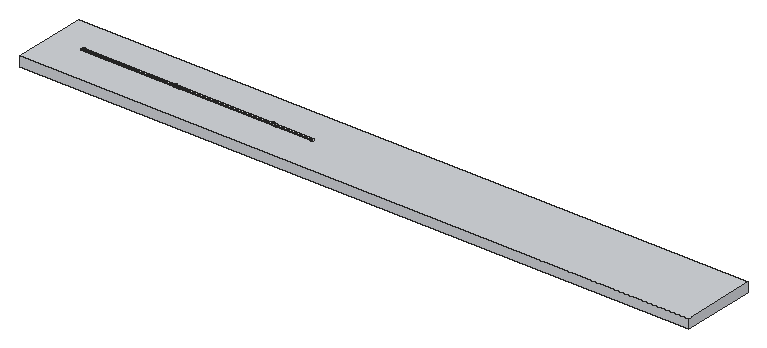
Revit family "Holocom-SDS Secure Raceway-2015", category Security Devices, host Face, Revit 2015
Parameters (values of type "10-foot sections")
  SDS Width = 0' - 2"  # constant formula
  Unit Length = 10' - 6"
  URL = "www.holocom.com"
  Single Connector [instance] = Length Input > Unit Length  # yes
  Product URL = "http://www.holocom.com/pdfs/Product%20files/Secure%20Raceway/SDS-WM-RCW-ST.pdf"
  Offset = 0' - 1"
  Model-Locking Kit = "SDS-LK-KIT-ST"
  Model-Connector = "SDS-CT-EE6-ST"
  Length of Last Unit [instance] = if(Length Input < (Unit Length * 2), ((Unit Length * 2) - Length Input), Length Input - (No. Units * Unit Length))  # 4' - 0"
  SDS Depth = 0' - 2"  # constant formula
  Interface Sleeve R [instance] = no
  Interface Sleeve Length = 0' - 2 5/8"  # constant formula
  Interface Sleeve L [instance] = no
  Connector [instance] = Length Input > Unit Length * 2  # yes
  No. Units [instance] = if(Length Input < (Unit Length * 2), 2, rounddown(Length Input / Unit Length))  # 2
  Model = "SDS-WM-RCW-ST"
  Material = Holocom_WhiteTextured
  Manufacturer = "Holocom"  # constant formula
  Length Input [instance] = 25' - 0"
  Default Elevation = 4' - 0"
Types (2): name | Unit Length | Length of Last Unit | No. Units
  5-foot sections | 5' - 6" | 3' - 0" | 4
  10-foot sections | 10' - 6" | 4' - 0" | 2
Reference planes (in)
  plane 1 "Center (Front/Back)": y = 0.01
  plane 2: z = 0
  plane 3 "Unit right": x = 120
  plane 4 "Top": y = 1.01
  plane 5: y = -0.99
  plane 6 "Raceway Left": x = -6
  plane 7 "Length Input Right": x = 294
  plane 8: x = 246
  plane 9 "Back": z = 1
  plane 10: z = 3
  plane 11: z = 2
  plane 12 "Interface Sleeve L": x = -3.375
  plane 13 "Interface Sleeve R": x = 291.375
Forms (in)
  Extrusion 1, solid
    sketch origin (0, 0, 0) x (1, 0, 0) y (0, 1, 0)
      loop
        line (-48, 48) -> (-48, -48) -> (817.64082, -48) -> (817.64082, 48) -> (-48, 48)
    from 0 to -12
  Extrusion 2, solid, material "Holocom_WhiteTextured" <- "Material"
    sketch origin (-6, 0, 0) x (0, 0, 1) y (0, -1, 0)
      loop
        arc (1, -0.885) -> (1.03661, -0.97339) -> (1.125, -1.01) r 0.125
        line (1.125, -1.01) -> (2.875, -1.01)
        arc (2.875, -1.01) -> (2.96339, -0.97339) -> (3, -0.885) r 0.125
        line (3, -0.885) -> (3, 0.865)
        arc (3, 0.865) -> (2.96339, 0.95339) -> (2.875, 0.99) r 0.125
        line (2.875, 0.99) -> (1.125, 0.99)
        arc (1.125, 0.99) -> (1.03661, 0.95339) -> (1, 0.865) r 0.125
        line (1, 0.865) -> (1, -0.885)
    from 0 to 300
Lines and regions (in)
  symbolic lines, style "Secure Distribution System"
    curve 1: line (-6, 1.01, 1.5) -> (294, 1.01, 1.5)
Dimensions and locks (in)
  "Unit Length": plane 3 "Unit right" to plane 6 "Raceway Left"
  "SDS Width": plane 4 "Top" to plane 5
  equal spacing: plane 4 "Top", plane 1 "Center (Front/Back)", plane 5
  "Length Input": plane 6 "Raceway Left" to plane 7 "Length Input Right"
  "Unit Length": plane 8 to plane 3 "Unit right"
  "Offset": plane 9 "Back" to plane 2
  "SDS Depth": plane 10 to plane 9 "Back"
  group 1 to group 2 = 10' - 6"
  group 1 to group 2 = 0' - 0"  (x2)
  equal spacing: plane 10, plane 11, plane 9 "Back"
  "Interface Sleeve Length": plane 6 "Raceway Left" to plane 12 "Interface Sleeve L"
  "Interface Sleeve Length": plane 13 "Interface Sleeve R" to plane 7 "Length Input Right"
  aligned and locked: Extrusion 1 to plane 2
  aligned and locked: Extrusion 1 to level
  aligned and locked: plane 5 to Extrusion 2 sketch curve
  aligned and locked: Extrusion 2 sketch curve to plane 4 "Top"
  aligned and locked: plane 7 "Length Input Right" to Extrusion 2
  aligned and locked: plane 3 "Unit right" to nested 1
  aligned and locked: plane 1 "Center (Front/Back)" to nested 1
  aligned and locked: plane 3 "Unit right" to nested 2
  aligned and locked: plane 1 "Center (Front/Back)" to nested 2
  aligned and locked: Extrusion 2 sketch curve to plane 9 "Back"
  aligned and locked: plane 10 to Extrusion 2 sketch curve
  aligned and locked: plane 8 to nested 3
  aligned and locked: plane 1 "Center (Front/Back)" to nested 3
  aligned and locked: Extrusion 2 to plane 9 "Back"
  aligned and locked: nested 2 to plane 9 "Back"
  aligned and locked: nested 1 to plane 9 "Back"
  aligned and locked: nested 3 to plane 9 "Back"
  aligned and locked: Extrusion 2 to plane 6 "Raceway Left"
  aligned and locked: plane 11 to nested 5
  aligned and locked: nested 4 to plane 11
Automatic sketch dimensions
  Extrusion 1 sketch curve to Extrusion 1 sketch curve = 72' - 1.64082"
  Extrusion 1 sketch curve to Extrusion 1 sketch curve = 8' - 0"
  curve 1 to plane 7 "Length Input Right" = 0' - 0"
  curve 1 to plane 6 "Raceway Left" = 0' - 0"
  Extrusion 2 sketch curve to Extrusion 2 sketch curve = 0' - 0 1/8"  (x2)
  plane 9 "Back" to Extrusion 2 sketch curve = 0' - 0 1/8"
  Extrusion 2 sketch curve to plane 5 = 0' - 0 1/8"
  plane 9 "Back" to curve 1 = 0' - 0 1/2"
Nested families (in)
  nested 1: "Secure Raceway Connector" at (114, 0.01, 1), visible <- "Single Connector", type "Secure Raceway Connector"
  nested 2: "Secure Raceway Connector" at (114, 0.01, 1), visible <- "Connector", type "Secure Raceway Connector"
  nested 3: "Secure Raceway Connector" at (240, 0.01, 1), visible <- "Connector", type "Secure Raceway Connector"
  nested 4: "SDS Interface Sleeve-Enclosure" at (291.375, 0.01, 2) x (0, 1, 0) z (1, 0, 0), visible <- "Interface Sleeve R", type "SDS_Interface Sleeve"
  nested 5: "SDS Interface Sleeve-Enclosure" at (-3.375, 0.01, 2) x (0, 1, 0) z (-1, 0, 0), visible <- "Interface Sleeve L", type "SDS_Interface Sleeve"
Definition of nested family "Secure Raceway Connector"
  Parameters (values of type "Secure Raceway Connector")
    Width = 0' - 2 1/16"
    Material = none
    Length = 0' - 6"
    Default Elevation = 4' - 0"
  Reference planes (in)
    plane 1 "Center (Front/Back)": y = 0
    plane 2: z = 0
    plane 3 "Connector Left": x = 0
    plane 4 "Connector Right": x = 6
    plane 5: y = 1.03125
    plane 6: y = -1.03125
    plane 7: z = 2.0625
  Forms (in)
    Extrusion 1, solid
      sketch origin (0, 0, 0) x (1, 0, 0) y (0, 1, 0)
        loop
          line (-48, 48) -> (-48, -48) -> (48, -48) -> (48, 48) -> (-48, 48)
      from 0 to -12
    Extrusion 2, solid, material <- "Material"
      sketch origin (0, 0, 0) x (0, 1, 0) y (0, 0, 1)
        loop
          line (-1.03125, 0) -> (1.03125, 0) -> (1.03125, 1.9375)
          arc (1.03125, 1.9375) -> (0.99464, 2.02589) -> (0.90625, 2.0625) r 0.125
          line (0.90625, 2.0625) -> (-0.90625, 2.0625)
          arc (-0.90625, 2.0625) -> (-0.99464, 2.02589) -> (-1.03125, 1.9375) r 0.125
          line (-1.03125, 1.9375) -> (-1.03125, 0)
      from 0 to 6
  Lines and regions (in)
    reference lines
      curve 1: line (0, 0, 0) -> (6, 0, 0)
  Dimensions and locks (in)
    equal spacing: plane 5, plane 1 "Center (Front/Back)", plane 6
    "Width": plane 5 to plane 6
    "Length": plane 3 "Connector Left" to plane 4 "Connector Right"
    "Width": plane 7 to level
    aligned and locked: plane 2 to Extrusion 1
    aligned and locked: level to Extrusion 1
    aligned and locked: plane 5 to Extrusion 2 sketch curve
    aligned and locked: plane 7 to Extrusion 2 sketch curve
    aligned and locked: Extrusion 2 sketch curve to plane 6
    aligned and locked: Extrusion 2 sketch curve to level
    aligned and locked: plane 4 "Connector Right" to Extrusion 2
    aligned and locked: plane 3 "Connector Left" to curve 1
    aligned and locked: plane 4 "Connector Right" to curve 1
    aligned and locked: plane 1 "Center (Front/Back)" to curve 1
  Automatic sketch dimensions
    Extrusion 1 sketch curve to Extrusion 1 sketch curve = 8' - 0"  (x2)
    plane 6 to Extrusion 2 sketch curve = 0' - 0 1/8"
    Extrusion 2 sketch curve to plane 5 = 0' - 0 1/8"
Definition of nested family "SDS Interface Sleeve-Enclosure"
  Parameters (values of type "SDS_Interface Sleeve")
    Width Base = 0' - 3 1/4"
    SDS Width = 0' - 2 1/4"
    Material = none
    Height = 0' - 2 5/8"
    Depth = 0' - 2 1/4"
    Default Elevation = 4' - 0"
  Reference planes (in)
    plane 1 "Center (Front/Back)": y = 0
    plane 2: z = 0
    plane 3 "Center (Left/Right)": x = 0
    plane 4 "Top": y = 1.125
    plane 5 "Bottom": y = -1.125
    plane 6: x = 1.125
    plane 7 "Extrusion Start": z = 2.50047
    plane 8 "End": z = 2.625
    plane 9: x = -1.125
    plane 10: x = -1.625
    plane 11: x = 1.625
  Forms (in)
    Extrusion 1, solid
      sketch origin (0, 0, 0) x (1, 0, 0) y (0, 1, 0)
        loop
          line (-48, 48) -> (-48, -48) -> (48, -48) -> (48, 48) -> (-48, 48)
      from 0 to -12
    Extrusion 2, solid, material <- "Material"
      sketch origin (0, 0, 2.625) x (0, 1, 0) y (-1, 0, 0)
        loop
          circle (0, 0) r 1.625
      from 0 to -0.12453
    Extrusion 3, solid, material <- "Material"
      sketch origin (0, 0, 0) x (1, 0, 0) y (0, 1, 0)
        loop
          arc (-0.99842, 1.125) -> (-1.08793, 1.08793) -> (-1.125, 0.99842) r 0.12658
          line (-1.125, 0.99842) -> (-1.125, -1)
          arc (-1.125, -1) -> (-1.08839, -1.08839) -> (-1, -1.125) r 0.125
          line (-1, -1.125) -> (1, -1.125)
          arc (1, -1.125) -> (1.08839, -1.08839) -> (1.125, -1) r 0.125
          line (1.125, -1) -> (1.125, 1)
          arc (1.125, 1) -> (1.08839, 1.08839) -> (1, 1.125) r 0.125
          line (1, 1.125) -> (-0.99842, 1.125)
      from 0 to 2.50047
  Dimensions and locks (in)
    "Depth": plane 4 "Top" to plane 5 "Bottom"
    equal spacing: plane 4 "Top", plane 1 "Center (Front/Back)", plane 5 "Bottom"
    "SDS Width": plane 9 to plane 6
    equal spacing: plane 9, plane 3 "Center (Left/Right)", plane 6
    "Width Base": plane 10 to plane 11
    equal spacing: plane 10, plane 3 "Center (Left/Right)", plane 11
    locked: plane 8 "End" to plane 7 "Extrusion Start" at 0.12453
    "Height": plane 8 "End" to plane 2
    aligned and locked: plane 2 to Extrusion 1
    aligned and locked: level to Extrusion 1
    aligned and locked: plane 7 "Extrusion Start" to Extrusion 2
    aligned and locked: Extrusion 3 sketch curve to plane 4 "Top"
    aligned and locked: plane 9 to Extrusion 3 sketch curve
    aligned and locked: plane 5 "Bottom" to Extrusion 3 sketch curve
    aligned and locked: Extrusion 3 sketch curve to plane 6
    aligned and locked: plane 7 "Extrusion Start" to Extrusion 3
  Automatic sketch dimensions
    Extrusion 1 sketch curve to Extrusion 1 sketch curve = 8' - 0"  (x2)
    plane 1 "Center (Front/Back)" to Extrusion 2 sketch curve = 0' - 0"
    Extrusion 2 sketch curve to plane 3 "Center (Left/Right)" = 0' - 0"
    plane 9 to Extrusion 3 sketch curve = 0' - 0 1/8"
    Extrusion 3 sketch curve to plane 4 "Top" = 0' - 0.12658"
    Extrusion 3 sketch curve to plane 6 = 0' - 0 1/8"
    Extrusion 3 sketch curve to plane 4 "Top" = 0' - 0 1/8"
    radius of Extrusion 2 sketch curve = 0' - 1 5/8"
